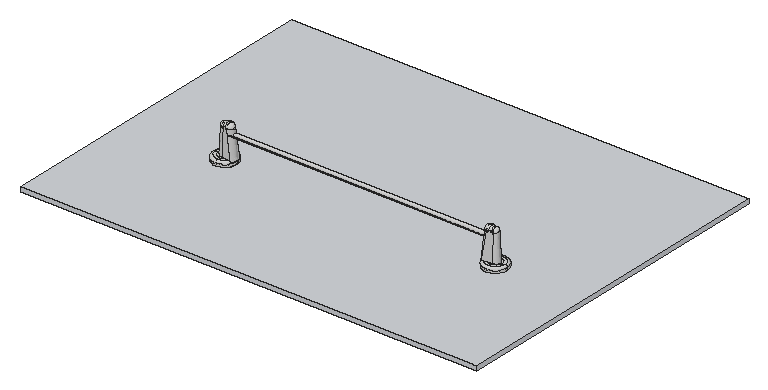
Revit family "41-Toallero Barra", category Aparatos sanitarios, Revit 2018
Family settings
  Anfitrión = Cara
  Cota de conector redondo = Diámetro de uso
  Tipo de pieza = Normal
  Número OmniClass = 23.45.00.00
  Título OmniClass = Sanitary, Laundry, and Cleaning Equipment
  Corte con vacíos al cargar = No
  Compartido = No
  Punto de cálculo de habitación = No
Parameters
  Vida útil unidad = ""
  Vida útil = ""
  URL = ""
  Tráfico = "Residencial"
  Presión mínima = ""
  Presión Máxima = ""
  Nombre del Fabricante = "Corona"
  Nombre = "Toallero Barra"
  Model = ""
  Material de Fabricación = "Latón"
  Material Acabado = Cromo-Corona
  Fabricante = "www.corona.com.co"
  Default Elevation = 0 mm
  Duración Garantía Unidad = "Año"
  Diámetro de conexión entrada = ""
  Descripción IFC = "Toallero Barra Palermo"
  Description = ""
  Assembly Code = ""
  Consumo de agua = ""
  Color = "Cromo"
  Caudal = ""
  Acabado = "Brillante"
Reference planes
  plane 1 "Center (Front/Back)": y = 0
  plane 2: z = 0
  plane 3 "Center (Left/Right)": x = 0
  plane 4 "Barra": z = 57.506
Forms (mm)
  Extrusion 1, solid
    sketch origin (0, 0, 0) x (1, 0, 0) y (0, 1, 0)
      loop
        line (-840, 470) -> (-840, -304.449) -> (200.67, -304.449) -> (200.67, 470) -> (-840, 470)
    from 0 to -9.713
  Revolve 2, solid, material "Cromo-Corona", detail levels medium+fine
    sketch origin (-617, 0, 0) x (-1, 0, 0) y (0, 0, -1)
      loop
        line (0, 0) -> (0, -10.016) -> (15.089, -10.016) -> (21.992, -10.016)
        arc (21.992, -10.016) -> (25.533, -8.55) -> (27, -5.008) r 5.008
        line (27, -5.008) -> (27, 0) -> (0, 0)
      axis (0, -10.016) -> (0, 0)
    angle from 0 to 360
  Blend 3, solid, material "Cromo-Corona", detail levels medium+fine
    base sketch origin (-617, 0, 60) x (1, 0, 0) y (0, 1, 0)
      loop
        arc (23.419, -13.437) -> (27, 0) -> (23.419, 13.437) r 27
        line (23.419, 13.437) -> (0, 10)
        arc (0, 10) -> (-10, 0) -> (0, -10) r 10
        line (0, -10) -> (23.419, -13.437)
    top sketch origin (-617, 0, 60) x (1, 0, 0) y (0, 1, 0)
      loop
        arc (12.366, -8.712) -> (21.078, 0) -> (12.366, 8.712) r 8.712
        line (12.366, 8.712) -> (0.2, 6.997)
        arc (0.2, 6.997) -> (-7, 0) -> (0.2, -6.997) r 7
        line (0.2, -6.997) -> (12.366, -8.712)
    from -60 to 11.714
  Revolve 4, solid, material "Cromo-Corona", detail levels medium+fine
    sketch origin (-617, 0, 71.714) x (1, 0, 0) y (0, 1, 0)
      loop
        line (12.366, 8.712) -> (12.366, -8.712)
        arc (12.366, -8.712) -> (21.078, 0) -> (12.366, 8.712) r 8.712
      axis (12.366, -8.712) -> (12.366, 8.712)
    angle from 0 to 360
  Revolve 5, solid, material "Cromo-Corona", detail levels medium+fine
    sketch origin (-617, 0, 71.714) x (1, 0, 0) y (0, 1, 0)
      loop
        line (0.2, -6.997) -> (0.2, 6.997)
        arc (0.2, 6.997) -> (-7, 0) -> (0.2, -6.997) r 7
      axis (0.2, -6.997) -> (0.2, 6.997)
    angle from 0 to 360
  Blend 6, solid, material "Cromo-Corona", detail levels medium+fine
    base sketch origin (-616.8, 0, 81.759) x (0, 0, -1) y (0, 1, 0)
      loop
        arc (10, 6.997) -> (2.8, 0) -> (10, -6.997) r 7
        line (10, -6.997) -> (10, 6.997)
    top sketch origin (-616.8, 0, 81.759) x (0, 0, -1) y (0, 1, 0)
      loop
        line (10, -8.712) -> (10, 8.712)
        arc (10, 8.712) -> (1.288, 0) -> (10, -8.712) r 8.712
    from 0 to 12.167
  Revolve 7, solid, material "Cromo-Corona", detail levels medium+fine
    sketch origin (0, 0, 0) x (1, 0, 0) y (0, 0, 1)
      loop
        line (0, 0) -> (27, 0) -> (27, 5.008)
        arc (27, 5.008) -> (25.533, 8.55) -> (21.992, 10.016) r 5.008
        line (21.992, 10.016) -> (15.089, 10.016) -> (0, 10.016) -> (0, 0)
      axis (0, 10.016) -> (0, 0)
    angle from 0 to 360
  Blend 8, solid, material "Cromo-Corona", detail levels medium+fine
    base sketch origin (0, 0, 60) x (-1, 0, 0) y (0, -1, 0)
      loop
        line (23.419, 13.437) -> (0, 10)
        arc (0, 10) -> (-10, 0) -> (0, -10) r 10
        line (0, -10) -> (23.419, -13.437)
        arc (23.419, -13.437) -> (27, 0) -> (23.419, 13.437) r 27
    top sketch origin (0, 0, 60) x (-1, 0, 0) y (0, -1, 0)
      loop
        line (12.366, 8.712) -> (0.2, 6.997)
        arc (0.2, 6.997) -> (-7, 0) -> (0.2, -6.997) r 7
        line (0.2, -6.997) -> (12.366, -8.712)
        arc (12.366, -8.712) -> (21.078, 0) -> (12.366, 8.712) r 8.712
    from -60 to 11.714
  Revolve 9, solid, material "Cromo-Corona", detail levels medium+fine
    sketch origin (0, 0, 71.714) x (-1, 0, 0) y (0, -1, 0)
      loop
        arc (12.366, -8.712) -> (21.078, 0) -> (12.366, 8.712) r 8.712
        line (12.366, 8.712) -> (12.366, -8.712)
      axis (12.366, 8.712) -> (12.366, -8.712)
    angle from 0 to 360
  Revolve 10, solid, material "Cromo-Corona", detail levels medium+fine
    sketch origin (0, 0, 71.714) x (-1, 0, 0) y (0, -1, 0)
      loop
        arc (0.2, 6.997) -> (-7, 0) -> (0.2, -6.997) r 7
        line (0.2, -6.997) -> (0.2, 6.997)
      axis (0.2, 6.997) -> (0.2, -6.997)
    angle from 0 to 360
  Blend 11, solid, material "Cromo-Corona", detail levels medium+fine
    base sketch origin (-0.2, 0, 81.759) x (0, 0, -1) y (0, -1, 0)
      loop
        line (10, -6.997) -> (10, 6.997)
        arc (10, 6.997) -> (2.8, 0) -> (10, -6.997) r 7
    top sketch origin (-0.2, 0, 81.759) x (0, 0, -1) y (0, -1, 0)
      loop
        arc (10, 8.712) -> (1.288, 0) -> (10, -8.712) r 8.712
        line (10, -8.712) -> (10, 8.712)
    from 0 to 12.167
  Sweep 12, solid, material "Cromo-Corona", detail levels medium+fine
    path origin (0, 0, 57.506) x (-1, 0, 0) y (0, -1, 0)
      loop
        line (604.634, 0) -> (12.366, 0)
    profile origin (-308.5, 0, 57.506) x (0, 1, 0) y (0, 0, 1)
      loop
        circle (0, 0) r 5
Lines and regions (mm)
  symbolic lines, not visible, detail levels medium+fine
    curve 1: arc (-9.395, 25.313, 60) -> (-26.575, -4.773, 60) -> (0, -27, 60) r 27
    curve 2: arc (-23.417, 2.554, 60) -> (-18.953, 13.988, 60) -> (-9.343, 21.623, 60) r 23.555
    curve 3: arc (0, -23.555, 60) -> (-15.727, -17.536, 60) -> (-23.417, -2.554, 60) r 23.555
    curve 4: arc (23.417, -2.554, 60) -> (15.727, -17.536, 60) -> (0, -23.555, 60) r 23.555
    curve 5: arc (20.24, -4.076, 60) -> (16.164, 0, 60) -> (20.24, 4.076, 60) r 4.076
    curve 6: arc (20.24, 2.188, 60) -> (22.428, 0, 60) -> (20.24, -2.188, 60) r 2.188
    curve 7: arc (20.24, -2.188, 60) -> (18.052, 0, 60) -> (20.24, 2.188, 60) r 2.188
    curve 8: arc (20.24, 4.076, 60) -> (24.316, 0, 60) -> (20.24, -4.076, 60) r 4.076
    curve 9: arc (-20.24, 4.076, 60) -> (-24.316, 0, 60) -> (-20.24, -4.076, 60) r 4.076
    curve 10: arc (-20.24, -4.076, 60) -> (-16.164, 0, 60) -> (-20.24, 4.076, 60) r 4.076
    curve 11: arc (-20.24, -2.188, 60) -> (-18.052, 0, 60) -> (-20.24, 2.188, 60) r 2.188
    curve 12: arc (-20.24, 2.188, 60) -> (-22.428, 0, 60) -> (-20.24, -2.188, 60) r 2.188
    curve 13: arc (0, -27, 60) -> (26.585, -4.715, 60) -> (9.284, 25.354, 60) r 27
    curve 14: arc (9.214, 21.679, 60) -> (18.911, 14.044, 60) -> (23.417, 2.554, 60) r 23.555
    curve 15: arc (9.87, -10, 60) -> (14.737, 0, 60) -> (9.87, 10, 60) r 12.706
    curve 16: arc (-9.87, -10, 60) -> (-14.737, 0, 60) -> (-9.87, 10, 60) r 12.706
    curve 17: line (9.87, 10, 60) -> (-9.87, 10, 60)
    curve 18: line (-9.87, -10, 60) -> (9.87, -10, 60)
    curve 19: line (-20.24, -27, 0) -> (-20.24, -27, 2.689)
    curve 20: arc (-20.24, -27, 2.689) -> (-20.24, -26.589, 3.681) -> (-20.24, -25.597, 4.092) r 1.403
    curve 21: line (-20.24, -25.597, 4.092) -> (-20.24, 25.449, 4.092)
    curve 22: arc (-20.24, 25.449, 4.092) -> (-20.24, 26.581, 3.623) -> (-20.24, 27.05, 2.49) r 1.602
    curve 23: line (-20.24, 27.05, 2.49) -> (-20.24, 27.05, 0)
    curve 24: line (-20.24, -23.555, 4.092) -> (-20.24, -16.852, 10.795)
    curve 25: arc (-20.24, -16.852, 10.795) -> (-20.24, -16, 11.37) -> (-20.24, -14.994, 11.584) r 2.694
    curve 26: line (-20.24, -14.994, 11.584) -> (-20.24, 15.089, 11.584)
    curve 27: arc (-20.24, 15.089, 11.584) -> (-20.24, 16.111, 11.357) -> (-20.24, 16.942, 10.72) r 2.419
    curve 28: line (-20.24, 16.942, 10.72) -> (-20.24, 23.57, 4.092)
    curve 29: line (-20.24, -10, 11.584) -> (-20.24, -10, 72.37)
    curve 30: arc (-20.24, -10, 72.37) -> (-20.24, 0, 77.201) -> (-20.24, 10, 72.37) r 12.765
    curve 31: line (-20.24, 10, 72.37) -> (-20.24, 10, 11.584)
    curve 33: line (27.05, 0, 0) -> (27.05, 0, 2.516)
    curve 34: arc (27.05, 0, 2.516) -> (26.551, 0, 3.663) -> (25.373, 0, 4.08) r 1.567
    curve 35: line (25.373, 0, 4.08) -> (-25.331, 0, 4.08)
    curve 36: arc (-25.331, 0, 4.08) -> (-26.511, 0, 3.591) -> (-27, 0, 2.411) r 1.669
    curve 37: line (-27, 0, 2.411) -> (-27, 0, 0)
    curve 38: line (-23.412, 0, 4.08) -> (-16.514, 0, 10.978)
    curve 39: arc (-16.514, 0, 10.978) -> (-15.691, 0, 11.489) -> (-14.726, 0, 11.584) r 2.133
    curve 40: line (-14.726, 0, 11.584) -> (15.1, 0, 11.584)
    curve 41: arc (15.1, 0, 11.584) -> (16.03, 0, 11.363) -> (16.763, 0, 10.748) r 2.072
    curve 42: line (16.763, 0, 10.748) -> (23.431, 0, 4.08)
    curve 43: line (9.881, 0, 11.584) -> (9.881, 0, 62.5)
    curve 44: arc (9.881, 0, 62.5) -> (0.011, 0, 72.37) -> (-9.859, 0, 62.5) r 9.87
    curve 45: line (-9.859, 0, 11.584) -> (-9.859, 0, 62.5)
    curve 46: line (14.754, 0, 11.584) -> (14.754, 0, 62.5)
    curve 47: arc (14.754, 0, 62.5) -> (-0.012, 0, 77.265) -> (-14.777, 0, 62.5) r 14.765
    curve 48: line (-14.777, 0, 62.5) -> (-14.777, 0, 11.522)
  symbolic lines, detail levels coarse
    curve 32: line (-20.24, 30.401, 0) -> (-20.24, -27, 0)
    curve 58: line (0, 27.086, 0) -> (0, 27.086, 80.386)
    curve 59: line (0, 27.086, 80.386) -> (0, -27, 80.386)
    curve 60: line (0, -27, 80.386) -> (0, -27, 0)
    curve 104: line (26.873, -27, 57.506) -> (-644, -27, 57.506)
    curve 105: line (26.873, 27, 57.506) -> (26.873, -27, 57.506)
    curve 106: line (-644, 27, 57.506) -> (26.873, 27, 57.506)
    curve 107: line (-644, -27, 57.506) -> (-644, 27, 57.506)
    curve 108: line (-644, 0, 0) -> (-644, 0, 80)
    curve 109: line (-644, 0, 80) -> (26.625, 0, 80)
    curve 110: line (26.625, 0, 80) -> (26.625, 0, 0)
  symbolic lines, detail levels medium
    curve 49: line (0, 27.086, 0) -> (0, 27.086, 5)
    curve 50: arc (0, 27.086, 5) -> (0, 25.604, 8.577) -> (0, 22.027, 10.059) r 5.059
    curve 51: line (0, 22.027, 10.059) -> (0, -22.027, 10.059)
    curve 52: arc (0, -22.027, 10.059) -> (0, -25.543, 8.602) -> (0, -27, 5.086) r 4.973
    curve 53: line (0, -27, 5.086) -> (0, -27, 0)
    curve 54: line (0, -27, 0) -> (0, 27.086, 0)
    curve 55: line (0, 12.774, 10.059) -> (0, 8.712, 71.716)
    curve 56: arc (0, 8.712, 71.716) -> (0, -0.001, 80.47) -> (0, -8.712, 71.714) r 8.712
    curve 57: line (0, -8.712, 71.714) -> (0, -12.774, 10.059)
  symbolic lines, detail levels medium+fine
    curve 61: line (-644, 0, 0) -> (-644, 0, 5)
    curve 62: arc (-644, 0, 5) -> (-642.548, 0, 8.506) -> (-639.042, 0, 9.958) r 4.958
    curve 63: line (-639.042, 0, 9.958) -> (-595.116, 0, 9.958)
    curve 64: arc (-595.116, 0, 9.958) -> (-591.492, 0, 8.457) -> (-589.991, 0, 4.834) r 5.124
    curve 65: line (-589.991, 0, 4.834) -> (-589.991, 0, 0)
    curve 66: line (-589.991, 0, 0) -> (-644, 0, 0)
    curve 67: line (-626.62, 0, 9.958) -> (-624, 0, 71.714)
    curve 68: arc (-624, 0, 71.714) -> (-621.891, 0, 76.805) -> (-616.8, 0, 78.914) r 7.2
    curve 69: line (-616.8, 0, 78.914) -> (-604.622, 0, 80.409)
    curve 70: arc (-604.622, 0, 80.409) -> (-598.474, 0, 77.862) -> (-595.927, 0, 71.714) r 8.695
    curve 71: line (-595.927, 0, 71.714) -> (-589.971, 0, 4.835)
    curve 72: line (-595.117, 0, 62.614) -> (-21.82, 0, 62.614)
    curve 73: line (26.984, 0, 0) -> (26.984, 0, 5)
    curve 74: arc (26.984, 0, 5) -> (25.532, 0, 8.506) -> (22.027, 0, 9.958) r 4.958
    curve 75: line (22.027, 0, 9.958) -> (-21.9, 0, 9.958)
    curve 76: arc (-21.9, 0, 9.958) -> (-25.523, 0, 8.457) -> (-27.024, 0, 4.834) r 5.124
    curve 77: line (-27.024, 0, 4.834) -> (-27.024, 0, 0)
    curve 78: line (9.604, 0, 9.958) -> (6.984, 0, 71.714)
    curve 79: arc (6.984, 0, 71.714) -> (4.876, 0, 76.805) -> (-0.215, 0, 78.914) r 7.2
    curve 80: line (-0.215, 0, 78.914) -> (-12.393, 0, 80.409)
    curve 81: arc (-12.393, 0, 80.409) -> (-18.541, 0, 77.862) -> (-21.088, 0, 71.714) r 8.695
    curve 82: line (-21.088, 0, 71.714) -> (-27.044, 0, 4.835)
    curve 83: line (-594.212, 0, 52.455) -> (-22.803, 0, 52.455)
    curve 84: arc (-644, 0, 57.506) -> (-619.51, 26.883, 57.506) -> (-590.467, 4.999, 57.506) r 27
    curve 85: arc (-590.467, -4.999, 57.506) -> (-619.51, -26.883, 57.506) -> (-644, 0, 57.506) r 27
    curve 86: line (-617, 10, 57.506) -> (-593.581, 13.437, 57.506)
    curve 87: arc (-617, -10, 57.506) -> (-627, 0, 57.506) -> (-617, 10, 57.506) r 10
    curve 88: line (-593.581, -13.437, 57.506) -> (-617, -10, 57.506)
    curve 89: arc (-604.634, -8.712, 57.506) -> (-600.612, -7.728, 57.506) -> (-597.499, -4.999, 57.506) r 8.712
    curve 90: line (-604.634, 8.712, 57.506) -> (-616.8, 6.997, 57.506)
    curve 91: arc (-616.8, 6.997, 57.506) -> (-624, 0, 57.506) -> (-616.8, -6.997, 57.506) r 7
    curve 92: spline (-601.064, -4.999, 57.506) -> (-601.808, -4.853, 57.506) -> (-602.504, -4.375, 57.506) -> (-603.106, -3.6, 57.506) -> (-603.573, -2.579, 57.506) -> (-603.872, -1.382, 57.506) -> (-603.983, -0.092, 57.506) -> (-603.899, 1.205, 57.506) -> (-603.625, 2.42, 57.506) -> (-603.181, 3.47, 57.506) -> (-602.595, 4.284, 57.506) -> (-601.909, 4.805, 57.506) -> (-601.169, 4.999, 57.506)
    curve 93: arc (26.874, 0.143, 57.506) -> (2.312, 27.033, 57.506) -> (-26.686, 4.999, 57.506) r 27
    curve 94: arc (-26.632, -4.999, 57.506) -> (2.457, -26.733, 57.506) -> (26.874, 0.143, 57.506) r 27
    curve 95: line (-0.126, 10.143, 57.506) -> (-23.545, 13.58, 57.506)
    curve 96: arc (-0.126, -9.857, 57.506) -> (9.874, 0.143, 57.506) -> (-0.126, 10.143, 57.506) r 10
    curve 97: line (-23.545, -13.293, 57.506) -> (-0.126, -9.857, 57.506)
    curve 98: arc (-12.492, -8.569, 57.506) -> (-16.435, -7.625, 57.506) -> (-19.525, -4.999, 57.506) r 8.712
    curve 99: line (-12.492, 8.855, 57.506) -> (-0.326, 7.14, 57.506)
    curve 100: arc (-0.326, 7.14, 57.506) -> (6.874, 0.143, 57.506) -> (-0.326, -6.854, 57.506) r 7
    curve 101: line (-601.169, 4.999, 57.506) -> (-12.366, 4.999, 57.506)
    curve 102: line (-601.064, -4.999, 57.506) -> (-12.366, -4.999, 57.506)
    curve 103: spline (-12.366, -4.999, 57.506) -> (-11.599, -4.829, 57.506) -> (-10.884, -4.329, 57.506) -> (-10.27, -3.535, 57.506) -> (-9.799, -2.5, 57.506) -> (-9.503, -1.294, 57.506) -> (-9.402, 0, 57.506) -> (-9.503, 1.294, 57.506) -> (-9.799, 2.5, 57.506) -> (-10.27, 3.535, 57.506) -> (-10.884, 4.329, 57.506) -> (-11.599, 4.829, 57.506) -> (-12.366, 4.999, 57.506)
    curve 111: line (-604.634, -8.712, 57.506) -> (-616.8, -6.997, 57.506)
    curve 112: line (-12.492, -8.855, 57.506) -> (-0.326, -7.14, 57.506)
    curve 113: arc (-12.492, 8.569, 57.506) -> (-16.435, 7.625, 57.506) -> (-19.525, 4.999, 57.506) r 8.712
    curve 114: arc (-604.634, 8.712, 57.506) -> (-600.612, 7.728, 57.506) -> (-597.499, 4.999, 57.506) r 8.712
Dimensions and locks
  aligned and locked: plane 2 to Extrusion 1
  aligned and locked: level to Extrusion 1
